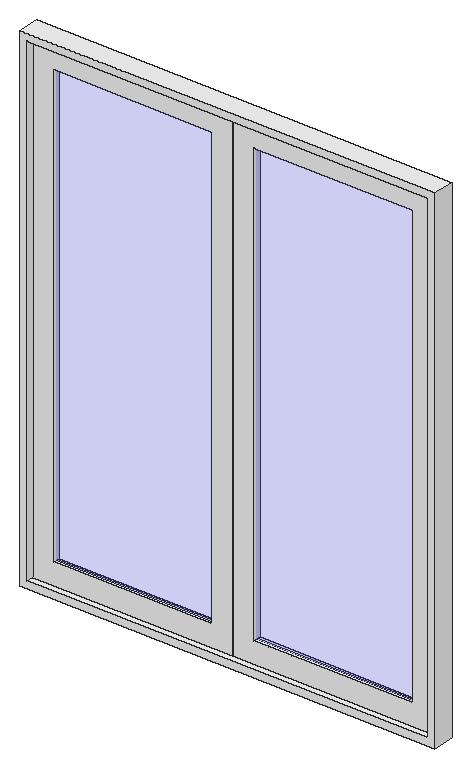
Revit family "CUA_SO_2_CANH_FIXED", category Windows, host Wall, Revit 2025
Family settings
  Host = Wall
  Always vertical = Yes
  Cut with Voids When Loaded = No
  Shared = No
  Room Calculation Point = No
Parameters (values of type "S1_1500x1800")
  Type Comments = ""
  KINH = 5 mm
  Height = 1800 mm
  Define Thermal Properties by = Schematic Type
  Default Sill Height = 750 mm
  TrimProjection = 25 mm
  Wall Closure = By host
  Width = 1500 mm
  Assembly Code = ""
  Analytic Construction = "<None>"
  25 = 25 mm
  CAO CÁNH = 1800 mm
  76 = 76 mm
Types (7, lengths in mm): name | Type Comments | Height | Default Sill Height | Width | CAO CÁNH
  S1_1500x1800 | "" | 1800 | 750 | 1500 | 1800
  S4_1500x1400 | "" | 1400 | 800 | 1500 | 1300
  K3_3100x2100 | "" | 2100 | 800 | 3100 | 1300
  S1_1500x1400 | "" | 1300 | 800 | 1500 | 1300
  CUA SO 2 CANH NHOM KINH O O THOANG 2 | "CỬA PA NÔ THÉP KÍNH" | 1500 | 800 | 900 | 1500
  S2 | "" | 1200 | 800 | 1200 | 1200
  CUA SO 2 CANH NHOM KINH O O THOANG | "CỬA PA NÔ THÉP KÍNH (LÀM MỚI)" | 1300 | 800 | 1200 | 1300
Reference planes
  plane 1: y = 0
  plane 2 "Center (Left/Right)": x = 0
  plane 3 "Left": x = -750
  plane 4 "Right": x = 750
  plane 5 "Sill": z = 750
  plane 6 "Head": z = 2550
  plane 7 "Exterior": y = 75
  plane 8 "Interior": y = -75
  plane 9: z = 2550
Forms (mm)
  Extrusion 1, solid, material "NHÔM HỘP 2Ẽ76X1"
    sketch origin (0, 75, 0) x (1, 0, 0) y (0, 0, 1)
      loop
        line (-750, 750) -> (750, 750) -> (750, 2550) -> (-750, 2550) -> (-750, 750)
      loop
        line (-725, 775) -> (725, 775) -> (725, 2525) -> (-725, 2525) -> (-725, 775)
    from 37 to 113
  Extrusion 2, solid, material "NHÔM HỘP 2Ẽ76X1"
    sketch origin (0, 75, 0) x (1, 0, 0) y (0, 0, 1)
      loop
        line (-725, 775) -> (0, 775) -> (0, 2525) -> (-725, 2525) -> (-725, 775)
      loop
        line (-649, 851) -> (-76, 851) -> (-76, 2449) -> (-649, 2449) -> (-649, 851)
    from 62.5 to 87.5
  Extrusion 3, solid, material "NHÔM HỘP 2Ẽ76X1"
    sketch origin (0, 75, 0) x (1, 0, 0) y (0, 0, 1)
      loop
        line (0, 775) -> (725, 775) -> (725, 2525) -> (0, 2525) -> (0, 775)
      loop
        line (76, 851) -> (649, 851) -> (649, 2449) -> (76, 2449) -> (76, 851)
    from 62.5 to 87.5
  Extrusion 4, solid, material "Glass"
    sketch origin (0, 75, 0) x (1, 0, 0) y (0, 0, 1)
      loop
        line (-649, 851) -> (-76, 851) -> (-76, 2449) -> (-649, 2449) -> (-649, 851)
      loop
        line (76, 851) -> (649, 851) -> (649, 2449) -> (76, 2449) -> (76, 851)
    from 72.5 to 77.5
Lines and regions (mm)
  Opening 1
    outline origin (3500, -75, 0) x (1, 0, 0) y (0, 0, 1)
      loop
        line (-2750, 750) -> (-2750, 2550) -> (-4250, 2550) -> (-4250, 750) -> (-2750, 750)
  Masking region 1
    outline origin (0, 0, 0) x (1, 0, 0) y (0, 1, 0)
  reference lines
    curve 1: line (892.835, 75, 1350) -> (-947.165, 75, 1350)
    curve 2: line (931.155, 75, 1950) -> (-947.165, 75, 1950)
  symbolic lines
    curve 3: line (0, 75, 2550) -> (0, 75, 750)
    curve 4: line (0, 75, 2550) -> (0, 75, 2575)
  symbolic lines, style "InvisibleLines"
    curve 5: line (0, 62.5, 2550) -> (750, 62.5, 1500)
    curve 6: line (750, 62.5, 1500) -> (0, 62.5, 750)
    curve 7: line (0, 62.5, 750) -> (-750, 62.5, 1500)
    curve 8: line (-750, 62.5, 1500) -> (0, 62.5, 2550)
Text (mm)
  text "EXTERIOR" at (-1981.535, 863.181, 0), in view "Ref. Level"
  text "INTERIOR" at (-2017.992, -707.606, 0), in view "Ref. Level"
  text "Exterior" at (0, 923.751, 2943.296), in view "Right"
  text "Exterior" at (0, 1019.841, 2788.626), in view "Left"
Dimensions and locks
  equal spacing: plane 3 "Left", plane 2 "Center (Left/Right)", plane 4 "Right"
  "Width": plane 3 "Left" to plane 4 "Right"
  "Height": plane 5 "Sill" to plane 6 "Head"
  "Default Sill Height": plane 5 "Sill" to level
  locked: plane 7 "Exterior" to host wall
  locked: plane 8 "Interior" to host wall
  "CAO CÁNH": plane 5 "Sill" to plane 9
  equal spacing: plane 5 "Sill", curve 1, curve 2, plane 9
Automatic sketch dimensions
  Opening 1 sketch curve to plane 3 "Left" = 0 mm
  Opening 1 sketch curve to plane 4 "Right" = 0 mm
  Opening 1 sketch curve to plane 5 "Sill" = 0 mm
  Opening 1 sketch curve to plane 6 "Head" = 0 mm
  plane 3 "Left" to curve 1 = 197.165 mm
  plane 3 "Left" to curve 2 = 197.165 mm
  curve 1 to plane 4 "Right" = 142.835 mm
  curve 2 to plane 4 "Right" = 181.155 mm
  curve 4 to plane 2 "Center (Left/Right)" = 0 mm
  curve 3 to plane 5 "Sill" = 0 mm
  curve 4 to plane 6 "Head" = 0 mm
  curve 3 to curve 4 = 25 mm
  curve 5 to plane 4 "Right" = 0 mm
  curve 6 to plane 2 "Center (Left/Right)" = 0 mm
  curve 5 to plane 2 "Center (Left/Right)" = 0 mm
  curve 7 to plane 3 "Left" = 0 mm
  curve 6 to plane 5 "Sill" = 0 mm
  curve 8 to plane 9 = 0 mm
  curve 6 to plane 5 "Sill" = 750 mm
  curve 7 to plane 5 "Sill" = 750 mm
  curve 3 to plane 2 "Center (Left/Right)" = 0 mm
  curve 3 to plane 6 "Head" = 0 mm
  plane 3 "Left" to Extrusion 1 sketch curve = 0 mm
  plane 4 "Right" to Extrusion 1 sketch curve = 0 mm
  Extrusion 1 sketch curve to plane 5 "Sill" = 0 mm
  Extrusion 1 sketch curve to plane 6 "Head" = 0 mm
  Extrusion 1 sketch curve to plane 3 "Left" = 25 mm
  plane 4 "Right" to Extrusion 1 sketch curve = 25 mm
  Extrusion 1 sketch curve to plane 5 "Sill" = 25 mm
  plane 6 "Head" to Extrusion 1 sketch curve = 25 mm
  Extrusion 2 sketch curve to plane 2 "Center (Left/Right)" = 0 mm
  Extrusion 2 sketch curve to plane 2 "Center (Left/Right)" = 76 mm
  Extrusion 2 sketch curve to plane 3 "Left" = 101 mm
  Extrusion 2 sketch curve to plane 3 "Left" = 25 mm
  Extrusion 2 sketch curve to plane 5 "Sill" = 25 mm
  Extrusion 2 sketch curve to plane 5 "Sill" = 101 mm
  plane 6 "Head" to Extrusion 2 sketch curve = 101 mm
  plane 6 "Head" to Extrusion 2 sketch curve = 25 mm
  Extrusion 3 sketch curve to plane 2 "Center (Left/Right)" = 0 mm
  plane 2 "Center (Left/Right)" to Extrusion 3 sketch curve = 76 mm
  plane 4 "Right" to Extrusion 3 sketch curve = 101 mm
  plane 4 "Right" to Extrusion 3 sketch curve = 25 mm
  Extrusion 3 sketch curve to plane 5 "Sill" = 25 mm
  Extrusion 3 sketch curve to plane 5 "Sill" = 101 mm
  plane 6 "Head" to Extrusion 3 sketch curve = 101 mm
  plane 6 "Head" to Extrusion 3 sketch curve = 25 mm
  Extrusion 4 sketch curve to plane 3 "Left" = 101 mm
  Extrusion 4 sketch curve to plane 2 "Center (Left/Right)" = 76 mm
  plane 2 "Center (Left/Right)" to Extrusion 4 sketch curve = 76 mm
  plane 4 "Right" to Extrusion 4 sketch curve = 101 mm
  Extrusion 4 sketch curve to plane 5 "Sill" = 101 mm  (x2)
  plane 6 "Head" to Extrusion 4 sketch curve = 101 mm  (x2)
